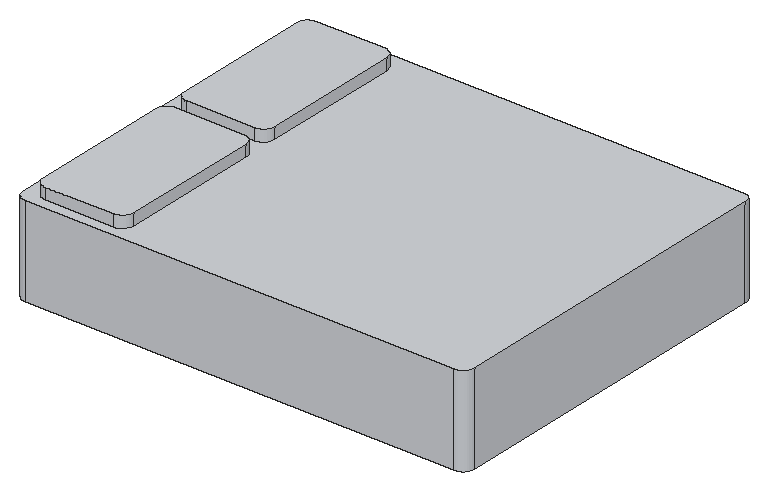
Revit family "Bed", category Furniture, Revit 2024
Family settings
  OmniClass Number = 23.40.20.00
  OmniClass Title = General Furniture and Specialties
  Work Plane-Based = Yes
  Enable Cutting in Views = No
  Always vertical = Yes
  Cut with Voids When Loaded = No
  Render Appearance Source = Family Geometry
  Shared = No
  Room Calculation Point = No
Parameters (values of type "1600x2000mm")
  Single bed = no
  Pillow materiale = none
  Double bed = yes
  Distance from wall = 50 mm
  Default Elevation = 0 mm
  Creator Build [instance] = "2023.0405.0"  # constant formula
  Corner rounding = 50 mm
  Bed width = 1600 mm
  Bed materiale = none
  Bed length = 2000 mm
Types (5, lengths in mm): name | Single bed | Double bed | Bed width
  900x2000mm | yes | no | 900
  1600x2000mm | no | yes | 1600
  1800x2000mm | no | yes | 2000
  800x2000mm | yes | no | 800
  1400x2000mm | no | yes | 1400
Reference planes
  plane 1 "Center (Front/Back)": y = 0
  plane 2: z = 0
  plane 3 "Center (Left/Right)": x = 0
  plane 4: y = 800
  plane 5: y = -800
  plane 6 "Top bed": z = 400
  plane 7: x = 50
  plane 8 "Bed length": x = 2050
Forms (mm)
  Extrusion 1, solid, material <- "Bed materiale"
    sketch origin (0, 0, 0) x (1, 0, 0) y (0, 1, 0)
      loop
        arc (100, 800) -> (64.645, 785.355) -> (50, 750) r 50
        line (50, 750) -> (50, -750)
        arc (50, -750) -> (64.645, -785.355) -> (100, -800) r 50
        line (100, -800) -> (2000, -800)
        arc (2000, -800) -> (2035.355, -785.355) -> (2050, -750) r 50
        line (2050, -750) -> (2050, 750)
        arc (2050, 750) -> (2035.355, 785.355) -> (2000, 800) r 50
        line (2000, 800) -> (100, 800)
    from 0 to 400
  Extrusion 2, solid, material <- "Pillow materiale", visible <- "Double bed"
    sketch origin (0, 0, 400) x (-1, 0, 0) y (0, -1, 0)
      loop
        line (-150, 750) -> (-450, 750)
        arc (-450, 750) -> (-485.355, 735.355) -> (-500, 700) r 50
        line (-500, 700) -> (-500, 80)
        arc (-500, 80) -> (-485.355, 44.645) -> (-450, 30) r 50
        line (-450, 30) -> (-150, 30)
        arc (-150, 30) -> (-114.645, 44.645) -> (-100, 80) r 50
        line (-100, 80) -> (-100, 700)
        arc (-100, 700) -> (-114.645, 735.355) -> (-150, 750) r 50
      loop
        arc (-150, -750) -> (-114.645, -735.355) -> (-100, -700) r 50
        line (-100, -700) -> (-100, -80)
        arc (-100, -80) -> (-114.645, -44.645) -> (-150, -30) r 50
        line (-150, -30) -> (-450, -30)
        arc (-450, -30) -> (-485.355, -44.645) -> (-500, -80) r 50
        line (-500, -80) -> (-500, -700)
        arc (-500, -700) -> (-485.355, -735.355) -> (-450, -750) r 50
        line (-450, -750) -> (-150, -750)
    from 0 to 50
  Extrusion 3, solid, material <- "Pillow materiale", visible <- "Single bed"
    sketch origin (0, 0, 400) x (-1, 0, 0) y (0, -1, 0)
      loop
        line (-150, 750) -> (-450, 750)
        arc (-450, 750) -> (-485.355, 735.355) -> (-500, 700) r 50
        line (-500, 700) -> (-500, -700)
        arc (-500, -700) -> (-485.355, -735.355) -> (-450, -750) r 50
        line (-450, -750) -> (-150, -750)
        arc (-150, -750) -> (-114.645, -735.355) -> (-100, -700) r 50
        line (-100, -700) -> (-100, 700)
        arc (-100, 700) -> (-114.645, 735.355) -> (-150, 750) r 50
    from 0 to 50
Dimensions and locks
  "Distance from wall": plane 3 "Center (Left/Right)" to Extrusion 1 sketch curve
  equal spacing: plane 4, plane 1 "Center (Front/Back)", plane 5
  "Bed width": plane 4 to plane 5
  "Corner rounding": plane 5 to Extrusion 2 sketch curve
  "Corner rounding": Extrusion 1 to Extrusion 2 sketch curve  (x2)
  "Corner rounding": plane 4 to Extrusion 2 sketch curve
  locked: Extrusion 3 sketch curve to Extrusion 3 sketch curve at 400
  "Corner rounding": Extrusion 1 to Extrusion 3 sketch curve
  "Corner rounding": plane 4 to Extrusion 3 sketch curve
  "Corner rounding": plane 5 to Extrusion 3 sketch curve
  locked: Extrusion 2 sketch curve to Extrusion 2 sketch curve at 400  (x2)
  equal spacing: Extrusion 2 sketch curve, plane 1 "Center (Front/Back)", Extrusion 2 sketch curve
  "Distance from wall": plane 3 "Center (Left/Right)" to plane 7
  "Bed length": plane 7 to plane 8 "Bed length"
  "Corner rounding": radius of Extrusion 1 sketch curve  (x4)
  "Corner rounding": radius of Extrusion 2 sketch curve  (x8)
  "Corner rounding": radius of Extrusion 3 sketch curve  (x4)
  aligned and locked: level to plane 2
  aligned and locked: Extrusion 1 sketch curve to plane 4
  aligned and locked: Extrusion 1 sketch curve to plane 5
  aligned and locked: plane 6 "Top bed" to Extrusion 1
  aligned and locked: plane 8 "Bed length" to Extrusion 1
Automatic sketch dimensions
  Extrusion 1 sketch curve to plane 8 "Bed length" = 0 mm
  Extrusion 2 sketch curve to plane 1 "Center (Front/Back)" = 80 mm
